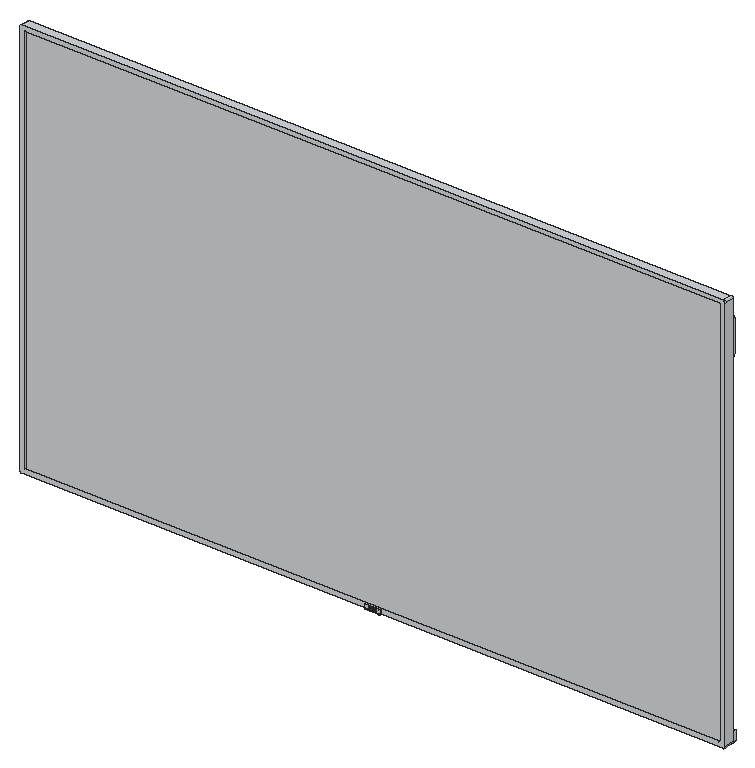
Revit family "V984Q (FINAL)", category Generic Models, Revit 2012
Parameters
  URL = "www.necdisplay.com"
  SENSORS- Temperature Sensor = "Integrated and programmable; linked to cooling fans"
  SENSORS- NFC Sensor = "Integrated; works in conjunction with free NEC Intelligent Wireless Data Application"
  SENSORS- Human Sensor = "Optional through KT-RC2 Accessory"
  SENSORS- Ambient Light Sensor = "Integrated and programmable"
  POWER CONSUMPTION- Speaker Rating = "Integrated 10W x2, Optional 15W x2"
  POWER CONSUMPTION- On (Typ/Max Bightness/Overall Max) = "380W/520W/650W"
  POWER CONSUMPTION- Normal Standby = "0.5W"
  POWER CONSUMPTION- Network Standby = "2W"
  POWER CONSUMPTION- Current Rating = "7.5A @ 100V, 3.1A @ 240V"
  PHYSICAL SPECS- Vesa Hole Configuration = "8x M8 x 16mm (600 x 400, 400 x 400)"
  PHYSICAL SPECS- Net Weight (w/o Stand) = "198.6 lbs. / 90.0 kg"
  PHYSICAL SPECS- Net Dimensions (w/o Stand, WxHxD) = "86.4 x 49.2 x 3.7in. / 2193.8 x 1248.8 x 93.0mm"
  PHYSICAL SPECS- Bezel Width (L/R, T/B) = "1590.0mm / 1590.0mm / 1590.0mm / 1590.0mm"
  Model = "V984Q"  # constant formula
  Manufacturer = "NEC Display Solutions"  # constant formula
  LCD MODULE- Contrast Ratio (Typical) = "1300:1 native, not included localized dimming"
  LCD MODULE- Viewing Angle = "178deg Vert., 178deg Hor (89U/89D/89L/89R) @ CR>10"
  LCD MODULE- Viewable Image Size = "98\""
  LCD MODULE- Panel Technology = "D-LED, S-IPS"
  LCD MODULE- Orientation = "Landscape and Portrait"
  LCD MODULE- Panel Haze (%) = "28"
  LCD MODULE- Native Resolution = "3840 x 2160"
  LCD MODULE- Displayable Colors = "Over 1.07 Billion"
  LCD MODULE- Brightness (Typical/Minimum) = "350 cd/sqm / 500 cd/sqm"
  LCD MODULE- Aspect Ratio = "16 : 9"
  ENVIRONMENTAL CONDITIONS- Operating Temperature = "0 to 40 C"
  ENVIRONMENTAL CONDITIONS- Operating Humidity = "20 - 80%"
  ENVIRONMENTAL CONDITIONS- Operating Altitude = "3000m (9843ft)"
  Description = "NEC Ultra High Definition Large Format Display"  # constant formula
  CONNECTIVITY- Output Terminals- External Control = "LAN (100mb)"
  CONNECTIVITY- Output Terminals- Digital = "DisplayPort (Outputs DisplayPort1 and OPS (1CH DisplayPort Ony)"
  CONNECTIVITY- Output Terminals- Audio = "3.5mm Audio Mini Jack, External Speaker Jack x2"
  CONNECTIVITY- Input Terminals- External Control = "LAN (100Mbit), 3.5 Mini Jack IR Remote, RS232C"
  CONNECTIVITY- Input Terminals- Digital = "HDMI 2.0 x3 (with HDCP), DisplayPort 1.2x2 (with HDCP)"
  CONNECTIVITY- Input Terminals- Data = "microSD (Media Player), USB 2.0 (Media Player), USB 2.0 (Service), USB Type-B (Upstream), USB 2.0 x2 (Compute Module, USB CM1 is Powered 5V/2A)"
  CONNECTIVITY- Input Terminals- Audio = "3.5mm Audio Mini Jack, DisplayPort Audio x2, HDMI Audio x3"
  CONNECTIVITY- Input Terminals- Analog = "none"
Reference planes
  plane 1 "Center (Front/Back)": y = 0
  plane 2: z = 0
  plane 3 "Center (Left/Right)": x = 0
  plane 4: z = 1248.8
Forms (mm)
  Extrusion 1, solid
    sketch origin (0, 0, 0) x (1, 0, 0) y (0, 0, 1)
      loop
        line (-1096.9, 1242.45) -> (-1096.9, 6.35)
        arc (-1096.9, 6.35) -> (-1095.04, 1.86) -> (-1090.55, 0) r 6.35
        line (-1090.55, 0) -> (1090.55, 0)
        arc (1090.55, 0) -> (1095.04, 1.86) -> (1096.9, 6.35) r 6.35
        line (1096.9, 6.35) -> (1096.9, 1242.45)
        arc (1096.9, 1242.45) -> (1095.04, 1246.94) -> (1090.55, 1248.8) r 6.35
        line (1090.55, 1248.8) -> (-1090.55, 1248.8)
        arc (-1090.55, 1248.8) -> (-1095.04, 1246.94) -> (-1096.9, 1242.45) r 6.35
    from 52.5 to 82.8
  Extrusion 2, void
    sketch origin (0, 0, 0) x (1, 0, 0) y (0, 0, 1)
      loop
        line (-1082.1, 14.8) -> (1082.1, 14.8) -> (1082.1, 1237.383) -> (-1082.1, 1237.383) -> (-1082.1, 14.8)
    from 79.882 to 113.336
  Blend 3, solid
    base sketch origin (4.79, -30.85, 738.456) x (0, 0, 1) y (1, 0, 0)
      loop
        arc (275.505, 669.037) -> (268.066, 686.997) -> (250.105, 694.437) r 25.4
        line (250.105, 694.437) -> (-461.518, 694.437)
        arc (-461.518, 694.437) -> (-479.479, 686.997) -> (-486.918, 669.037) r 25.4
        line (-486.918, 669.037) -> (-486.918, -669.037)
        arc (-486.918, -669.037) -> (-479.479, -686.997) -> (-461.518, -694.437) r 25.4
        line (-461.518, -694.437) -> (250.105, -694.437)
        arc (250.105, -694.437) -> (268.066, -686.997) -> (275.505, -669.037) r 25.4
        line (275.505, -669.037) -> (275.505, 669.037)
    top sketch origin (4.79, -30.85, 738.456) x (0, 0, 1) y (1, 0, 0)
      loop
        arc (175.973, 567.726) -> (172.253, 576.706) -> (163.273, 580.426) r 12.7
        line (163.273, 580.426) -> (-360.207, 580.426)
        arc (-360.207, 580.426) -> (-369.188, 576.706) -> (-372.907, 567.726) r 12.7
        line (-372.907, 567.726) -> (-372.907, -567.726)
        arc (-372.907, -567.726) -> (-369.188, -576.706) -> (-360.207, -580.426) r 12.7
        line (-360.207, -580.426) -> (163.273, -580.426)
        arc (163.273, -580.426) -> (172.253, -576.706) -> (175.973, -567.726) r 12.7
        line (175.973, -567.726) -> (175.973, 567.726)
    from -21.65 to 19.2
  Extrusion 4, solid
    sketch origin (255.764, -30.85, 616.982) x (0, 0, 1) y (1, 0, 0)
      loop
        spline (-533.312, 704.431) -> (-533.346, 704.953) -> (-533.448, 705.466) -> (-533.616, 705.961) -> (-533.848, 706.43) -> (-534.138, 706.865) -> (-534.483, 707.259) -> (-534.876, 707.604) -> (-535.311, 707.894) -> (-535.781, 708.126) -> (-536.276, 708.294) -> (-536.789, 708.396) -> (-537.311, 708.43)
        line (-537.311, 708.43) -> (-551.312, 708.43)
        spline (-551.312, 708.43) -> (-551.834, 708.396) -> (-552.348, 708.294) -> (-552.843, 708.126) -> (-553.312, 707.894) -> (-553.747, 707.604) -> (-554.14, 707.259) -> (-554.485, 706.865) -> (-554.776, 706.43) -> (-555.007, 705.961) -> (-555.175, 705.466) -> (-555.278, 704.953) -> (-555.312, 704.431)
        line (-555.312, 704.431) -> (-555.312, 542.429)
        spline (-555.312, 542.429) -> (-555.278, 541.907) -> (-555.175, 541.394) -> (-555.007, 540.899) -> (-554.776, 540.43) -> (-554.485, 539.995) -> (-554.14, 539.601) -> (-553.747, 539.256) -> (-553.312, 538.966) -> (-552.843, 538.734) -> (-552.348, 538.566) -> (-551.834, 538.464) -> (-551.312, 538.43)
        line (-551.312, 538.43) -> (-537.311, 538.43)
        spline (-537.311, 538.43) -> (-536.789, 538.464) -> (-536.276, 538.566) -> (-535.781, 538.734) -> (-535.311, 538.966) -> (-534.876, 539.256) -> (-534.483, 539.601) -> (-534.138, 539.995) -> (-533.848, 540.43) -> (-533.616, 540.899) -> (-533.448, 541.394) -> (-533.346, 541.907) -> (-533.312, 542.429)
        line (-533.312, 542.429) -> (-533.312, 704.431)
    from -21.65 to 37.2
  Extrusion 5, void
    sketch origin (260.554, 0, 0) x (1, 0, 0) y (0, 1, 0)
      loop
        line (576.137, -10.588) -> (670.723, -10.588)
        arc (670.723, -10.588) -> (682.054, -14.324) -> (688.941, -24.067) r 19.05
        line (688.941, -24.067) -> (696.925, -50.178) -> (714.756, -50.178) -> (714.756, 13.168) -> (530.606, 13.168) -> (530.606, -49.86) -> (550.033, -49.86) -> (557.919, -24.067)
        arc (557.919, -24.067) -> (564.805, -14.324) -> (576.137, -10.588) r 19.05
      loop
        arc (575, -18.588) -> (568.345, -21.26) -> (565.385, -27.792) r 9.624
        line (565.385, -27.792) -> (564.306, -52.5) -> (682.554, -52.5) -> (681.474, -27.773)
        arc (681.474, -27.773) -> (678.521, -21.254) -> (671.879, -18.588) r 9.604
        line (671.879, -18.588) -> (575, -18.588)
    from 52.047 to 91.346
  Extrusion 6, solid
    sketch origin (0, -30.85, 616.982) x (0, 0, 1) y (1, 0, 0)
      loop
        line (-616.982, 1090.55) -> (-616.982, -1090.55)
        arc (-616.982, -1090.55) -> (-615.122, -1095.04) -> (-610.632, -1096.9) r 6.35
        line (-610.632, -1096.9) -> (-580.582, -1096.9) -> (-580.582, 1096.9) -> (-610.632, 1096.9)
        arc (-610.632, 1096.9) -> (-615.122, 1095.04) -> (-616.982, 1090.55) r 6.35
    from -21.65 to -12.238
  Extrusion 7, solid
    sketch origin (255.764, 0, 0) x (0, 1, 0) y (0, 0, 1)
      loop
        line (-40.488, 7.62) -> (0, 7.62) -> (0, 139.12) -> (-50.488, 139.12) -> (-50.488, 41.42) -> (-40.488, 41.42) -> (-40.488, 7.62)
    from 733.99 to 757.99
  Extrusion 8, solid
    sketch origin (255.764, -30.85, 616.982) x (0, 0, 1) y (1, 0, 0)
      loop
        line (-493.862, 759.09) -> (-493.862, 758.09) -> (-477.362, 758.09) -> (-477.362, 733.89) -> (-493.862, 733.89) -> (-493.862, 732.89) -> (-477.366, 732.89)
        arc (-477.366, 732.89) -> (-476.656, 733.181) -> (-476.362, 733.89) r 1
        line (-476.362, 733.89) -> (-476.362, 758.09)
        arc (-476.362, 758.09) -> (-476.655, 758.797) -> (-477.362, 759.09) r 1
        line (-477.362, 759.09) -> (-493.862, 759.09)
    from -17.663 to 29.362
  Extrusion 9, solid
    sketch origin (255.764, -30.85, 616.982) x (0, 0, 1) y (1, 0, 0)
      loop
        line (-479.868, 772.29) -> (-554.068, 772.29)
        arc (-554.068, 772.29) -> (-555.475, 771.705) -> (-556.062, 770.297) r 2
        line (-556.062, 770.297) -> (-556.062, 757.99) -> (-477.862, 757.99) -> (-477.862, 770.294)
        arc (-477.862, 770.294) -> (-478.451, 771.708) -> (-479.868, 772.29) r 2
      loop
        line (-556.062, 733.99) -> (-556.062, 721.682)
        arc (-556.062, 721.682) -> (-555.47, 720.27) -> (-554.052, 719.69) r 2
        line (-554.052, 719.69) -> (-479.872, 719.69)
        arc (-479.872, 719.69) -> (-478.452, 720.271) -> (-477.862, 721.686) r 2
        line (-477.862, 721.686) -> (-477.862, 733.99) -> (-556.062, 733.99)
    from -21.65 to -19.328
  Blend 10, solid
    base sketch origin (0, -30.85, 616.982) x (0, 0, 1) y (1, 0, 0)
      loop
        line (-506.303, 247.422) -> (-506.303, 481.178)
        arc (-506.303, 481.178) -> (-510.023, 490.159) -> (-519.003, 493.878) r 12.7
        line (-519.003, 493.878) -> (-566.56, 493.878)
        arc (-566.56, 493.878) -> (-575.54, 490.159) -> (-579.26, 481.178) r 12.7
        line (-579.26, 481.178) -> (-579.26, 247.422)
        arc (-579.26, 247.422) -> (-575.54, 238.441) -> (-566.56, 234.722) r 12.7
        line (-566.56, 234.722) -> (-519.003, 234.722)
        arc (-519.003, 234.722) -> (-510.023, 238.441) -> (-506.303, 247.422) r 12.7
    top sketch origin (0, -30.85, 616.982) x (0, 0, 1) y (1, 0, 0)
      loop
        arc (-515.696, 480.9) -> (-516.749, 483.439) -> (-519.291, 484.486) r 3.586
        line (-519.291, 484.486) -> (-566.291, 484.486)
        arc (-566.291, 484.486) -> (-568.82, 483.432) -> (-569.868, 480.9) r 3.586
        line (-569.868, 480.9) -> (-569.868, 247.7)
        arc (-569.868, 247.7) -> (-568.82, 245.167) -> (-566.289, 244.114) r 3.586
        line (-566.289, 244.114) -> (-519.289, 244.114)
        arc (-519.289, 244.114) -> (-516.749, 245.162) -> (-515.696, 247.7) r 3.586
        line (-515.696, 247.7) -> (-515.696, 480.9)
    from -21.65 to -17.538
  Extrusion 11, void
    sketch origin (0, -48.388, 616.982) x (0, 0, -1) y (1, 0, 0)
      loop
        line (535.072, 454.142) -> (535.072, 370.429)
        arc (535.072, 370.429) -> (536.632, 366.661) -> (540.4, 365.1) r 5.329
        line (540.4, 365.1) -> (552.514, 365.1)
        arc (552.514, 365.1) -> (556.302, 366.669) -> (557.872, 370.458) r 5.358
        line (557.872, 370.458) -> (557.872, 454.142)
        arc (557.872, 454.142) -> (556.302, 457.931) -> (552.514, 459.5) r 5.358
        line (552.514, 459.5) -> (540.43, 459.5)
        arc (540.43, 459.5) -> (536.641, 457.931) -> (535.072, 454.142) r 5.358
    from 8.405 to -9.36
  Extrusion 12, solid
    sketch origin (0, -30.85, 616.982) x (0, 0, 1) y (1, 0, 0)
      loop
        circle (-546.072, 447.3) r 3.007
      loop
        circle (-546.072, 437.3) r 3.007
      loop
        circle (-546.072, 427.3) r 2.988
      loop
        circle (-546.072, 417.3) r 3.007
      loop
        circle (-546.072, 407.3) r 3.007
      loop
        circle (-546.072, 397.3) r 3.007
      loop
        circle (-546.072, 387.3) r 3.007
      loop
        circle (-546.072, 377.3) r 3.007
    from -25.943 to -21.65
  Extrusion 13, void
    sketch origin (4.79, -11.65, 738.456) x (0, 0, -1) y (1, 0, 0)
      loop
        circle (-62.818, 250) r 9.061
      loop
        circle (337.182, 250) r 9.061
      loop
        circle (337.182, -250) r 9.061
      loop
        circle (-62.818, -250) r 9.061
    from 19.092 to -9.003
  Extrusion 14, void
    sketch origin (4.79, -11.65, 738.456) x (0, 0, -1) y (1, 0, 0)
      loop
        line (87.181, 160) -> (7.182, 160) -> (7.182, 135.347)
        arc (7.182, 135.347) -> (9.14, 126.238) -> (14.666, 118.736) r 22.179
        line (14.666, 118.736) -> (66.585, 72.804) -> (7.183, 72.801) -> (7.182, 57.602) -> (87.181, 57.605) -> (87.181, 83.318)
        arc (87.181, 83.318) -> (85.068, 93.154) -> (79.102, 101.254) r 23.949
        line (79.102, 101.254) -> (29.882, 144.803) -> (87.181, 144.803) -> (87.181, 160)
      loop
        line (7.176, 44.324) -> (7.184, -50.238) -> (18.547, -50.238) -> (18.547, 11.044) -> (39.024, 11.044) -> (39.024, -44.639) -> (50.261, -44.639) -> (50.261, 11.044) -> (66.271, 11.043)
        arc (66.271, 11.043) -> (72.686, 8.386) -> (75.343, 1.972) r 9.071
        line (75.343, 1.972) -> (75.343, -51.038) -> (87.18, -51.038)
        arc (87.18, -51.038) -> (87.854, -20.076) -> (87.18, 10.886) r 711.698
        arc (87.18, 10.886) -> (86.368, 20.715) -> (84.794, 30.45) r 126.705
        arc (84.794, 30.45) -> (78.793, 40.413) -> (67.839, 44.324) r 17.297
        line (67.839, 44.324) -> (7.176, 44.324)
      loop
        line (6.274, -158.561) -> (17.847, -158.561)
        arc (17.847, -158.561) -> (14.707, -133.161) -> (17.847, -107.761) r 104.326
        arc (17.847, -107.761) -> (21.385, -100.831) -> (27.596, -96.143) r 17.356
        arc (27.596, -96.143) -> (47.876, -92.515) -> (67.497, -98.797) r 42.735
        arc (67.497, -98.797) -> (72.126, -103.307) -> (74.781, -109.2) r 17.329
        arc (74.781, -109.2) -> (77.788, -134.6) -> (74.781, -160) r 108.774
        line (74.781, -160) -> (87.688, -160)
        arc (87.688, -160) -> (90.325, -128.25) -> (87.688, -96.5) r 192.504
        arc (87.688, -96.5) -> (85.13, -86.108) -> (81.032, -76.221) r 70.717
        arc (81.032, -76.221) -> (50.091, -55.453) -> (16.231, -71.016) r 38.1
        arc (16.231, -71.016) -> (9.825, -82.447) -> (6.274, -95.061) r 55.568
        arc (6.274, -95.061) -> (3.789, -126.811) -> (6.274, -158.561) r 204.062
      loop
        line (64.716, 511.9) -> (64.716, 374.9)
        arc (64.716, 374.9) -> (67.986, 367.005) -> (75.882, 363.734) r 11.166
        line (75.882, 363.734) -> (209.382, 363.734)
        arc (209.382, 363.734) -> (217.277, 367.005) -> (220.547, 374.9) r 11.166
        line (220.547, 374.9) -> (220.547, 511.9)
        arc (220.547, 511.9) -> (217.277, 519.795) -> (209.382, 523.066) r 11.166
        line (209.382, 523.066) -> (75.882, 523.066)
        arc (75.882, 523.066) -> (67.986, 519.795) -> (64.716, 511.9) r 11.166
      loop
        line (220.816, 153.995) -> (220.816, 0.995)
        arc (220.816, 0.995) -> (222.507, -3.079) -> (226.582, -4.766) r 5.766
        line (226.582, -4.766) -> (332.582, -4.766)
        arc (332.582, -4.766) -> (336.659, -3.077) -> (338.347, 1) r 5.766
        line (338.347, 1) -> (338.347, 154)
        arc (338.347, 154) -> (336.659, 158.077) -> (332.582, 159.766) r 5.766
        line (332.582, 159.766) -> (226.582, 159.766)
        arc (226.582, 159.766) -> (222.503, 158.075) -> (220.816, 153.995) r 5.766
      loop
        line (147.182, -462.4) -> (147.182, -572.4) -> (297.182, -572.4) -> (297.182, -462.4) -> (147.182, -462.4)
      loop
        line (53.182, -517.4) -> (53.182, -572.4) -> (71.182, -572.4) -> (71.182, -517.4) -> (53.182, -517.4)
      loop
        line (81.182, -532.4) -> (81.182, -572.4) -> (103.182, -572.4) -> (103.182, -532.4) -> (81.182, -532.4)
      loop
        line (113.182, -523.4) -> (113.182, -572.4) -> (137.182, -572.4) -> (137.182, -523.4) -> (113.182, -523.4)
    from 0.816 to -6.572
  Extrusion 15, void
    sketch origin (4.79, -11.65, 738.456) x (0, 0, -1) y (1, 0, 0)
      loop
        line (56.232, 574.7) -> (324.032, 574.7) -> (324.032, 711.5) -> (56.232, 711.5) -> (56.232, 574.7)
    from 40.85 to -11.65
  Extrusion 16, solid
    sketch origin (0, -30.85, 616.982) x (0, 0, 1) y (1, 0, 0)
      loop
        spline (577.383, 1064.639) -> (577.254, 1065.064) -> (577.079, 1065.472) -> (576.86, 1065.858) -> (576.6, 1066.217) -> (576.301, 1066.546) -> (575.968, 1066.839) -> (575.605, 1067.093) -> (575.215, 1067.306) -> (574.804, 1067.474) -> (574.377, 1067.596) -> (573.94, 1067.67) -> (573.496, 1067.694)
        line (573.496, 1067.694) -> (411.495, 1067.694)
        spline (411.495, 1067.694) -> (410.973, 1067.66) -> (410.46, 1067.558) -> (409.964, 1067.39) -> (409.495, 1067.158) -> (409.06, 1066.868) -> (408.667, 1066.523) -> (408.322, 1066.129) -> (408.031, 1065.694) -> (407.8, 1065.225) -> (407.632, 1064.729) -> (407.53, 1064.216) -> (407.496, 1063.694)
        line (407.496, 1063.694) -> (407.609, 1048.749)
        spline (407.609, 1048.749) -> (407.722, 1048.368) -> (407.872, 1048) -> (408.058, 1047.649) -> (408.278, 1047.318) -> (408.529, 1047.01) -> (408.811, 1046.729) -> (409.118, 1046.477) -> (409.449, 1046.257) -> (409.8, 1046.071) -> (410.169, 1045.921) -> (410.55, 1045.807) -> (410.94, 1045.733)
        line (410.94, 1045.733) -> (572.941, 1045.733)
        spline (572.941, 1045.733) -> (573.51, 1045.694) -> (574.078, 1045.737) -> (574.634, 1045.859) -> (575.167, 1046.06) -> (575.666, 1046.334) -> (576.121, 1046.676) -> (576.523, 1047.08) -> (576.864, 1047.536) -> (577.136, 1048.036) -> (577.335, 1048.57) -> (577.455, 1049.127) -> (577.496, 1049.695)
        line (577.496, 1049.695) -> (577.383, 1064.639)
    from -21.65 to 25.186
  Extrusion 17, void
    sketch origin (1067.694, -30.85, 1172.608) x (0, 0, -1) y (0, -1, 0)
      loop
        line (110.721, -20.262) -> (15.247, -20.262)
        arc (15.247, -20.262) -> (4.627, -16.759) -> (-1.826, -7.626) r 17.851
        line (-1.826, -7.626) -> (-9.856, 18.638) -> (-21.573, 18.638) -> (-25.197, 18.638) -> (-25.197, -28.535) -> (148.943, -28.535) -> (148.943, 18.638) -> (136.711, 18.638) -> (128.938, -6.782)
        arc (128.938, -6.782) -> (122.052, -16.526) -> (110.721, -20.262) r 19.05
      loop
        line (15.282, -12.262) -> (111.562, -12.262)
        arc (111.562, -12.262) -> (118.431, -9.504) -> (121.485, -2.763) r 9.932
        line (121.485, -2.763) -> (122.551, 21.65) -> (4.303, 21.65) -> (5.369, -2.77)
        arc (5.369, -2.77) -> (8.42, -9.506) -> (15.282, -12.262) r 9.922
    from 0 to 24.226
  Extrusion 18, solid
    sketch origin (-255.764, -30.85, 616.982) x (0, 0, 1) y (1, 0, 0)
      loop
        line (-533.312, -704.431) -> (-533.312, -542.429)
        spline (-533.312, -542.429) -> (-533.346, -541.907) -> (-533.448, -541.394) -> (-533.616, -540.899) -> (-533.848, -540.43) -> (-534.138, -539.995) -> (-534.483, -539.601) -> (-534.876, -539.256) -> (-535.311, -538.966) -> (-535.781, -538.734) -> (-536.276, -538.566) -> (-536.789, -538.464) -> (-537.311, -538.43)
        line (-537.311, -538.43) -> (-551.312, -538.43)
        spline (-551.312, -538.43) -> (-551.834, -538.464) -> (-552.348, -538.566) -> (-552.843, -538.734) -> (-553.312, -538.966) -> (-553.747, -539.256) -> (-554.14, -539.601) -> (-554.485, -539.995) -> (-554.776, -540.43) -> (-555.007, -540.899) -> (-555.175, -541.394) -> (-555.278, -541.907) -> (-555.312, -542.429)
        line (-555.312, -542.429) -> (-555.312, -704.431)
        spline (-555.312, -704.431) -> (-555.278, -704.953) -> (-555.175, -705.466) -> (-555.007, -705.961) -> (-554.776, -706.43) -> (-554.485, -706.865) -> (-554.14, -707.259) -> (-553.747, -707.604) -> (-553.312, -707.894) -> (-552.843, -708.126) -> (-552.348, -708.294) -> (-551.834, -708.396) -> (-551.312, -708.43)
        line (-551.312, -708.43) -> (-537.311, -708.43)
        spline (-537.311, -708.43) -> (-536.789, -708.396) -> (-536.276, -708.294) -> (-535.781, -708.126) -> (-535.311, -707.894) -> (-534.876, -707.604) -> (-534.483, -707.259) -> (-534.138, -706.865) -> (-533.848, -706.43) -> (-533.616, -705.961) -> (-533.448, -705.466) -> (-533.346, -704.953) -> (-533.312, -704.431)
    from -21.65 to 37.2
  Extrusion 19, void
    sketch origin (-255.764, 0, 0) x (-1, 0, 0) y (0, -1, 0)
      loop
        arc (576.137, 10.588) -> (564.805, 14.324) -> (557.919, 24.067) r 19.05
        line (557.919, 24.067) -> (550.033, 49.86) -> (530.606, 49.86) -> (530.606, -13.168) -> (714.756, -13.168) -> (714.756, 50.178) -> (696.925, 50.178) -> (688.941, 24.067)
        arc (688.941, 24.067) -> (682.054, 14.324) -> (670.723, 10.588) r 19.05
        line (670.723, 10.588) -> (576.137, 10.588)
      loop
        line (575, 18.588) -> (671.879, 18.588)
        arc (671.879, 18.588) -> (678.521, 21.254) -> (681.474, 27.773) r 9.604
        line (681.474, 27.773) -> (682.554, 52.5) -> (564.306, 52.5) -> (565.385, 27.792)
        arc (565.385, 27.792) -> (568.345, 21.26) -> (575, 18.588) r 9.624
    from 52.047 to 91.346
  Extrusion 20, solid
    sketch origin (-255.764, 0, 0) x (0, 1, 0) y (0, 0, -1)
      loop
        line (-40.488, -7.62) -> (-40.488, -41.42) -> (-50.488, -41.42) -> (-50.488, -139.12) -> (0, -139.12) -> (0, -7.62) -> (-40.488, -7.62)
    from 733.99 to 757.99
  Extrusion 21, solid
    sketch origin (-255.764, -30.85, 616.982) x (0, 0, 1) y (1, 0, 0)
      loop
        line (-493.862, -759.09) -> (-477.362, -759.09)
        arc (-477.362, -759.09) -> (-476.655, -758.797) -> (-476.362, -758.09) r 1
        line (-476.362, -758.09) -> (-476.362, -733.89)
        arc (-476.362, -733.89) -> (-476.656, -733.181) -> (-477.366, -732.89) r 1
        line (-477.366, -732.89) -> (-493.862, -732.89) -> (-493.862, -733.89) -> (-477.362, -733.89) -> (-477.362, -758.09) -> (-493.862, -758.09) -> (-493.862, -759.09)
    from -17.663 to 29.362
  Extrusion 22, solid
    sketch origin (-255.764, -30.85, 616.982) x (0, 0, 1) y (1, 0, 0)
      loop
        arc (-479.868, -772.29) -> (-478.451, -771.708) -> (-477.862, -770.294) r 2
        line (-477.862, -770.294) -> (-477.862, -757.99) -> (-556.062, -757.99) -> (-556.062, -770.297)
        arc (-556.062, -770.297) -> (-555.475, -771.705) -> (-554.068, -772.29) r 2
        line (-554.068, -772.29) -> (-479.868, -772.29)
      loop
        line (-556.062, -733.99) -> (-477.862, -733.99) -> (-477.862, -721.686)
        arc (-477.862, -721.686) -> (-478.452, -720.271) -> (-479.872, -719.69) r 2
        line (-479.872, -719.69) -> (-554.052, -719.69)
        arc (-554.052, -719.69) -> (-555.47, -720.27) -> (-556.062, -721.682) r 2
        line (-556.062, -721.682) -> (-556.062, -733.99)
    from -21.65 to -19.328
  Extrusion 23, solid
    sketch origin (0, -30.85, 616.982) x (0, 0, 1) y (1, 0, 0)
      loop
        line (577.383, -1064.639) -> (577.496, -1049.695)
        spline (577.496, -1049.695) -> (577.455, -1049.127) -> (577.335, -1048.57) -> (577.136, -1048.036) -> (576.864, -1047.536) -> (576.523, -1047.08) -> (576.121, -1046.676) -> (575.666, -1046.334) -> (575.167, -1046.06) -> (574.634, -1045.859) -> (574.078, -1045.737) -> (573.51, -1045.694) -> (572.941, -1045.733)
        line (572.941, -1045.733) -> (410.94, -1045.733)
        spline (410.94, -1045.733) -> (410.55, -1045.807) -> (410.169, -1045.921) -> (409.8, -1046.071) -> (409.449, -1046.257) -> (409.118, -1046.477) -> (408.811, -1046.729) -> (408.529, -1047.01) -> (408.278, -1047.318) -> (408.058, -1047.649) -> (407.872, -1048) -> (407.722, -1048.368) -> (407.609, -1048.749)
        line (407.609, -1048.749) -> (407.496, -1063.694)
        spline (407.496, -1063.694) -> (407.53, -1064.216) -> (407.632, -1064.729) -> (407.8, -1065.225) -> (408.031, -1065.694) -> (408.322, -1066.129) -> (408.667, -1066.523) -> (409.06, -1066.868) -> (409.495, -1067.158) -> (409.964, -1067.39) -> (410.46, -1067.558) -> (410.973, -1067.66) -> (411.495, -1067.694)
        line (411.495, -1067.694) -> (573.496, -1067.694)
        spline (573.496, -1067.694) -> (573.94, -1067.67) -> (574.377, -1067.596) -> (574.804, -1067.474) -> (575.215, -1067.306) -> (575.605, -1067.093) -> (575.968, -1066.839) -> (576.301, -1066.546) -> (576.6, -1066.217) -> (576.86, -1065.858) -> (577.079, -1065.472) -> (577.254, -1065.064) -> (577.383, -1064.639)
    from -21.65 to 25.186
  Extrusion 24, void
    sketch origin (-1067.694, -30.85, 1172.608) x (0, 0, -1) y (0, 1, 0)
      loop
        arc (110.721, 20.262) -> (122.052, 16.526) -> (128.938, 6.782) r 19.05
        line (128.938, 6.782) -> (136.711, -18.638) -> (148.943, -18.638) -> (148.943, 28.535) -> (-25.197, 28.535) -> (-25.197, -18.638) -> (-21.573, -18.638) -> (-9.856, -18.638) -> (-1.826, 7.626)
        arc (-1.826, 7.626) -> (4.627, 16.759) -> (15.247, 20.262) r 17.851
        line (15.247, 20.262) -> (110.721, 20.262)
      loop
        arc (15.282, 12.262) -> (8.42, 9.506) -> (5.369, 2.77) r 9.922
        line (5.369, 2.77) -> (4.303, -21.65) -> (122.551, -21.65) -> (121.485, 2.763)
        arc (121.485, 2.763) -> (118.431, 9.504) -> (111.562, 12.262) r 9.932
        line (111.562, 12.262) -> (15.282, 12.262)
    from 0 to 24.226
  Extrusion 25, solid
    sketch origin (-0.023, 0, 0) x (1, 0, 0) y (0, 0, 1)
      loop
        line (-9.961, 2.001) -> (-9.007, 2.001) -> (-9.007, 5.547) -> (-6.275, 2.5)
        arc (-6.275, 2.5) -> (-5.769, 2.131) -> (-5.157, 2.001) r 1.502
        line (-5.157, 2.001) -> (-3.574, 2.001) -> (-3.574, 7) -> (-4.532, 7) -> (-4.532, 3.338) -> (-7.319, 6.429)
        arc (-7.319, 6.429) -> (-7.901, 6.851) -> (-8.603, 7) r 1.729
        line (-8.603, 7) -> (-9.961, 7) -> (-9.961, 2.001)
      loop
        line (-2.725, 7) -> (-2.725, 3.297)
        arc (-2.725, 3.297) -> (-2.326, 2.335) -> (-1.364, 1.937) r 1.36
        line (-1.364, 1.937) -> (3.249, 1.937) -> (3.249, 2.748) -> (-0.098, 2.748)
        arc (-0.098, 2.748) -> (-0.481, 2.907) -> (-0.64, 3.29) r 0.542
        line (-0.64, 3.29) -> (-0.64, 4.175) -> (2.839, 4.175) -> (2.839, 5.016) -> (-0.64, 5.016) -> (-0.64, 6.16) -> (3.178, 6.16) -> (3.178, 7) -> (-2.725, 7)
      loop
        arc (9.964, 7) -> (7.934, 7.2) -> (5.904, 7) r 10.398
        arc (5.904, 7) -> (5.347, 6.84) -> (4.824, 6.59) r 3.487
        arc (4.824, 6.59) -> (3.614, 4.234) -> (5.238, 2.141) r 2.465
        arc (5.238, 2.141) -> (5.626, 2.03) -> (6.025, 1.968) r 3.176
        arc (6.025, 1.968) -> (8.03, 1.836) -> (10.035, 1.968) r 15.265
        line (10.035, 1.968) -> (10.035, 2.882)
        arc (10.035, 2.882) -> (8.597, 2.624) -> (7.141, 2.747) r 5.618
        arc (7.141, 2.747) -> (5.683, 4.48) -> (6.989, 6.33) r 1.854
        arc (6.989, 6.33) -> (8.494, 6.507) -> (9.964, 6.138) r 4.19
        line (9.964, 6.138) -> (9.964, 7)
    from 83.703 to 83.988
  Extrusion 26, solid
    sketch origin (-0.023, 0, 0) x (0, 1, 0) y (0, 0, 1)
      loop
        arc (-83.703, -1.561) -> (-83.479, -2.102) -> (-82.938, -2.326) r 0.765
        line (-82.938, -2.326) -> (-56.991, -2.326) -> (-56.788, 0) -> (-82.901, 0) -> (-82.901, 11.557) -> (-83.703, 11.515) -> (-83.703, -1.561)
    from -24.915 to 24.96
Cuts and joins
  Extrusion 2, Extrusion 5, Extrusion 11, Extrusion 13, Extrusion 14, Extrusion 15, Extrusion 17, Extrusion 19, Extrusion 24 cuts Extrusion 1
  Extrusion 5, Extrusion 13, Extrusion 14, Extrusion 15 cuts Blend 3
  Extrusion 5, Extrusion 19 cuts Extrusion 4
  Extrusion 11 cuts Blend 10
  Extrusion 17 cuts Extrusion 16
  Extrusion 19 cuts Extrusion 18
  Extrusion 24 cuts Extrusion 23
Dimensions and locks
  cut or joined group 1 (Extrusion 1, Extrusion 2, Extrusion 5, Extrusion 11, Extrusion 13, Extrusion 14, Extrusion 15, Extrusion 17, Extrusion 19, Extrusion 24) to cut or joined group 1 = 2193.80 mm  (x2)
  level to cut or joined group 1 = 1248.80 mm
  aligned and locked: plane 2 to level
  aligned and locked: Extrusion 1 sketch curve to level
